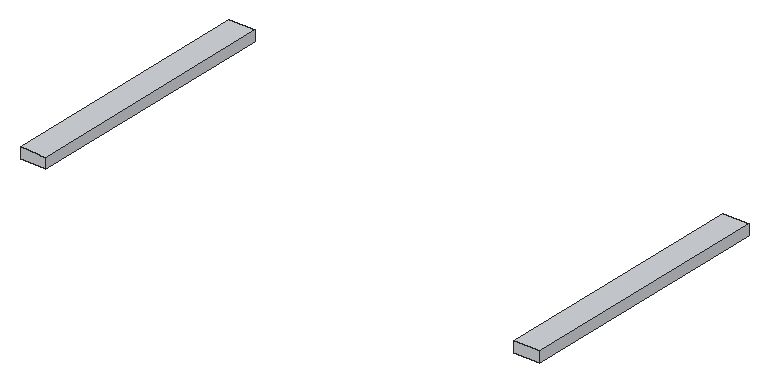
Revit family "MullionArray", category Generic Models, Revit 2025
Family settings
  Can host rebar = No
  Round Connector Dimension = Use Diameter
  Part Type = Normal
  Cut with Voids When Loaded = No
  Maintain Annotation Orientation = No
  Shared = No
  Room Calculation Point = No
Parameters
  Width [instance] = 1000 mm
  built-in parameter 1001306 [instance] = 2000 mm
  Default Elevation = 0 mm
  Count [instance] = 2
Reference planes
  plane 1 "Center (Front/Back)": y = 0
  plane 2: z = 0
  plane 3 "Left": x = 0
  plane 4 "Right": x = 2000
Lines and regions (mm)
  reference lines
    curve 1: line (0, 0, 0) -> (2000, 0, 0)
Dimensions and locks
  "built-in parameter 1001306": plane 3 "Left" to plane 4 "Right"
  group 1 to group 2 = 1900 mm
  group 1 to group 2 = 0 mm  (x2)
  aligned and locked: plane 4 "Right" to curve 1
  aligned and locked: plane 1 "Center (Front/Back)" to curve 1
  aligned and locked: plane 3 "Left" to curve 1
  aligned and locked: level to plane 2
  aligned and locked: plane 4 "Right" to nested 2
  aligned and locked: nested 1 to plane 3 "Left"
Nested families
  nested 1: "Mullion" at (50, 0, 0) x (0, 1, 0) z (0, 0, 1), Panjang <- "Width", type "Mullion"
    with Tebal 40 mm, Panjang 1000 mm, Lebar 100 mm
  nested 2: "Mullion" at (1950, 0, 0) x (0, 1, 0) z (0, 0, 1), Panjang <- "Width", type "Mullion"
    with Tebal 40 mm, Panjang 1000 mm, Lebar 100 mm
Definition of nested family "Mullion"
  Parameters
    Tebal [instance] = 40 mm
    Panjang [instance] = 1651.605 mm
    Lebar [instance] = 100 mm
    Default Elevation = 0 mm
  Reference planes
    plane 1 "Center (Front/Back)": y = 0
    plane 2: z = 0
    plane 3 "Center (Left/Right)": x = 0
  Forms (mm)
    Extrusion 1, solid
      sketch origin (0, 0, 0) x (1, 0, 0) y (0, 1, 0)
        loop
          line (-825.803, 50) -> (-825.803, -50) -> (825.803, -50) -> (825.803, 50) -> (-825.803, 50)
      from -20 to 20
  Dimensions and locks
    equal spacing: Extrusion 1, plane 1 "Center (Front/Back)", Extrusion 1
    "Lebar": Extrusion 1 to Extrusion 1
    equal spacing: Extrusion 1, plane 3 "Center (Left/Right)", Extrusion 1
    "Panjang": Extrusion 1 to Extrusion 1
    "Tebal": Extrusion 1 to Extrusion 1
    equal spacing: Extrusion 1, level, Extrusion 1
    aligned and locked: level to plane 2
  Automatic sketch dimensions
    plane 1 "Center (Front/Back)" to Extrusion 1 sketch curve = 50 mm
    Extrusion 1 sketch curve to plane 3 "Center (Left/Right)" = 825.803 mm
    plane 3 "Center (Left/Right)" to Extrusion 1 sketch curve = 825.803 mm
    Extrusion 1 sketch curve to plane 1 "Center (Front/Back)" = 50 mm
